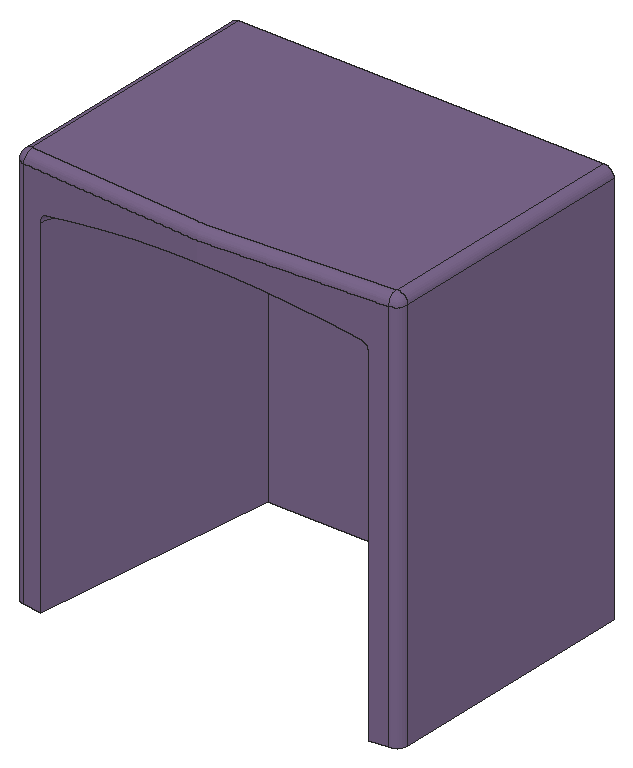
Revit family "NBS_PineappleContracts_GnrlFitngsFrnshngsAndEqpmntSym_RynoDesk", category Furniture, Revit 2018
Family settings
  Work Plane-Based = No
  Always vertical = Yes
  Cut with Voids When Loaded = No
  Shared = No
  Room Calculation Point = No
Parameters (values of type "RynoDesk")
  WorksurfaceArea = 3242.32 m²
  Weight = "20 kg"
  WarrantyStartDate [instance] = "1900-12-31T23:59:59"
  WarrantyGuarantorParts = "n/a"
  WarrantyGuarantorLabor = "n/a"
  WarrantyDurationUnit = "year"
  WarrantyDurationParts = "n/a"
  WarrantyDurationLabor = "n/a"
  WarrantyDescription = "Lifetime guarantee against manufacturing faults"
  VoidSpaceOpening = 575.459 mm
  Version = "2"  # constant formula
  Uniclass2015Version = "Systems v1.15"
  Uniclass2015Title = "Desks"
  Uniclass2015Code = "Pr_40_50_21_21"
  TagNumber [instance] = "n/a"
  SystemManufacturer = "Pineapple Contracts"
  SustainabilityPerformance = "100% recyclable"
  Style = "Desk"
  Status = "UNSET"
  Size = "735 x 698 x 507 mm"
  Shape = "Cube"
  SerialNumber [instance] = "n/a"
  Revision = "n/a"
  ReplacementCost = "n/a"
  Reference = "n/a"
  ProductInformation = "https://uk.pineapplecontracts.com/product/ryno-bedroom-range/"
  NominalWidth = 698 mm
  NominalLength = 0 mm
  NominalHeight = 735 mm
  NominalDepth = 507 mm
  Name = "GeneralFittingsFurnishingsAndEquipmentSystem_RynoDesk_PineappleContracts"
  NBSReference = "35-05-35/135"
  NBSDescription = "General fittings, furnishings and equipment system"
  NBSCertification = "www.nationalbimlibrary.com/cert/xmd1x2bf"
  ModelReference = "RynoDesk"
  ModelNumber = "1RYOD-FF-00"
  Material = "UV stabilised polyethylene with anti-microbial additive"
  ManufacturerURL = "www.pineapplecontracts.com"
  ManufacturerName = "Pineapple Contracts"  # constant formula
  Manufacturer = "sales@pineapplecontracts.com"
  MainColor = "n/a"
  IsBuiltIn = no
  InstallationDate [instance] = "1900-12-31T23:59:59"
  IfcExportType = "DESK"  # constant formula
  IfcExportAs = "IfcFurnitureType"  # constant formula
  Grade = "n/a"
  Finish = "n/a"
  Features = "Flame retardant, anti-bacterial, wall and floor fixing options available"
  ExpectedLife = "n/a"
  DurationUnit = "year"
  Width = 698 mm  # constant formula
  DeskMaterial = NBS_PineappleContracts_IconPurple
  Height = 735 mm  # constant formula
  Depth = 507 mm  # constant formula
  Description = "Ryno open desk"
  Constituents = "n/a"
  Color = "Blaze orange, epic blue, icon purple, vegas yellow, cool green, black, thunder grey, moonwalk grey, lime green, granite"
  CodePerformance = "BS EN 16139: 2013 level 2, BS 5852:2006, UL94 HB flammability standards"
  Category = "Pr_40_50_21_21:Desks"
  BarCode [instance] = "n/a"
  BIMObjectName = "NBS_PineappleContracts_GeneralFittingsFurnishingsAndEquipmentSystem_RynoDesk"
  Author = "NBS"  # constant formula
  AssetType = "Fixed"
  AssetIdentifier [instance] = "n/a"
  AccessibilityPerformance = "n/a"
Reference planes
  plane 1 "Back": y = 0
  plane 2 "Bottom": z = 0
  plane 3 "Center (Left/Right)": x = 0
  plane 4 "Left": x = -349
  plane 5 "Right": x = 349
  plane 6 "Top": z = 735
  plane 7: x = -287.729
  plane 8: x = 287.729
  plane 9 "Front": y = -507
Forms (mm)
  Blend 1, void
    base sketch origin (0, -253.5, 0) x (1, 0, 0) y (0, 0, 1)
      loop
        line (-299, 0) -> (299, 0) -> (299, 637.186)
        arc (299, 637.186) -> (295.596, 646.701) -> (286.929, 651.898) r 15
        arc (286.929, 651.898) -> (0.092, 680.485) -> (-286.865, 653.14) r 1485.616
        arc (-286.865, 653.14) -> (-295.575, 647.957) -> (-299, 638.417) r 15
        line (-299, 638.417) -> (-299, 0)
    top sketch origin (0, -253.5, 0) x (1, 0, 0) y (0, 0, 1)
      loop
        line (-247.75, 569.134) -> (-247.75, 0) -> (247.979, 0) -> (247.979, 568.565)
        arc (247.979, 568.565) -> (245.066, 577.449) -> (237.456, 582.882) r 15
        arc (237.456, 582.882) -> (0.176, 619.262) -> (-237.192, 583.462) r 798.351
        arc (-237.192, 583.462) -> (-244.825, 578.033) -> (-247.75, 569.134) r 15
    from 254.367 to -213.5
  Extrusion 2, solid, material "NBS_PineappleContracts_IconPurple" <- "DeskMaterial", detail levels medium+fine
    sketch origin (0, 0, 0) x (1, 0, 0) y (0, 1, 0)
      loop
        line (-349, 0) -> (-349, -468.103)
        arc (-349, -468.103) -> (-343.965, -481.372) -> (-331.394, -487.959) r 20
        arc (-331.394, -487.959) -> (0, -507.867) -> (331.394, -487.959) r 2768.185
        arc (331.394, -487.959) -> (343.965, -481.372) -> (349, -468.103) r 20
        line (349, -468.103) -> (349, 0) -> (-349, 0)
    from 0 to 735
  Sweep 3, void
    path in 3D
      loop
        line (-349, 0, 735) -> (-349, -468.103, 735)
        arc (-349, -468.103, 735) -> (-343.965, -481.372, 735) -> (-331.394, -487.959, 735) r 20
        arc (-331.394, -487.959, 735) -> (0, -507.867, 735) -> (331.394, -487.959, 735) r 2768.185
        arc (331.394, -487.959, 735) -> (343.965, -481.372, 735) -> (349, -468.103, 735) r 20
        line (349, -468.103, 735) -> (349, 0, 735)
    profile origin (-349, -234.052, 735) x (1, 0, 0) y (0, 0, 1)
      loop
        line (0, 0) -> (0, -18)
        arc (0, -18) -> (5.272, -5.272) -> (18, 0) r 18
        line (18, 0) -> (0, 0)
  Extrusion 4, solid, material "NBS_PineappleContracts_IconPurple" <- "DeskMaterial", detail levels coarse
    sketch origin (0, 0, 0) x (1, 0, 0) y (0, 1, 0)
      loop
        line (-349, -507) -> (349, -507) -> (349, 0) -> (-349, 0) -> (-349, -507)
    from 0 to 735
Cuts and joins
  Blend 1, Sweep 3 cuts Extrusion 2
Lines and regions (mm)
  sketch lines
    curve 1: line (-349, 0, 735) -> (-349, -468.103, 735)
    curve 2: arc (-331.394, -487.959, 735) -> (-343.965, -481.372, 735) -> (-349, -468.103, 735) r 20
    curve 3: arc (331.394, -487.959, 735) -> (0, -507.867, 735) -> (-331.394, -487.959, 735) r 2768.185
    curve 4: arc (349, -468.103, 735) -> (343.965, -481.372, 735) -> (331.394, -487.959, 735) r 20
    curve 5: line (349, -468.103, 735) -> (349, 0, 735)
Dimensions and locks
  "Width": plane 4 "Left" to plane 5 "Right"
  "Height": plane 6 "Top" to plane 2 "Bottom"
  "VoidSpaceOpening": plane 7 to plane 8
  "Depth": plane 9 "Front" to plane 1 "Back"
  aligned and locked: level to plane 2 "Bottom"
Automatic sketch dimensions
  Extrusion 2 sketch curve to plane 4 "Left" = 0 mm
  Extrusion 2 sketch curve to plane 3 "Center (Left/Right)" = 0 mm
  plane 1 "Back" to Extrusion 2 sketch curve = 0 mm
  Extrusion 2 sketch curve to plane 5 "Right" = 0 mm
  Extrusion 2 sketch curve to Extrusion 2 sketch curve = 20 mm  (x2)
  plane 1 "Back" to Extrusion 2 sketch curve = 468.103 mm  (x2)
  Extrusion 2 sketch curve to plane 1 "Back" = 2260.318 mm
  Extrusion 2 sketch curve to Extrusion 2 sketch curve = 0 mm
  profile plane to Sweep 3 sketch curve = 0 mm
  Sweep 3 sketch curve to profile plane = 0 mm
  Sweep 3 sketch curve to profile plane = 18 mm
  Blend 1 sketch curve to level = 0 mm  (x2)
  plane 7 to Blend 1 sketch curve = 11.271 mm
  Blend 1 sketch curve to plane 7 = 3.729 mm
  Blend 1 sketch curve to plane 3 "Center (Left/Right)" = 3.125 mm
  plane 8 to Blend 1 sketch curve = 3.729 mm
  Blend 1 sketch curve to plane 8 = 11.271 mm
  Blend 1 sketch curve to level = 805.128 mm
  Blend 1 sketch curve to Blend 1 sketch curve = 0 mm  (x2)
  Blend 1 sketch curve to plane 7 = 39.979 mm
  Blend 1 sketch curve to Blend 1 sketch curve = 15 mm  (x2)
  Blend 1 sketch curve to plane 3 "Center (Left/Right)" = 0.799 mm
  plane 8 to Blend 1 sketch curve = 54.75 mm
  Blend 1 sketch curve to level = 179.089 mm
  Blend 1 sketch curve to plane 6 "Top" = 97.814 mm
  Blend 1 sketch curve to plane 6 "Top" = 96.583 mm
  Blend 1 sketch curve to plane 6 "Top" = 166.435 mm
  Blend 1 sketch curve to plane 6 "Top" = 165.866 mm
  plane 1 "Back" to Extrusion 4 sketch curve = 0 mm
  Extrusion 4 sketch curve to plane 4 "Left" = 0 mm
  Extrusion 4 sketch curve to plane 5 "Right" = 0 mm
  plane 9 "Front" to Extrusion 4 sketch curve = 0 mm
